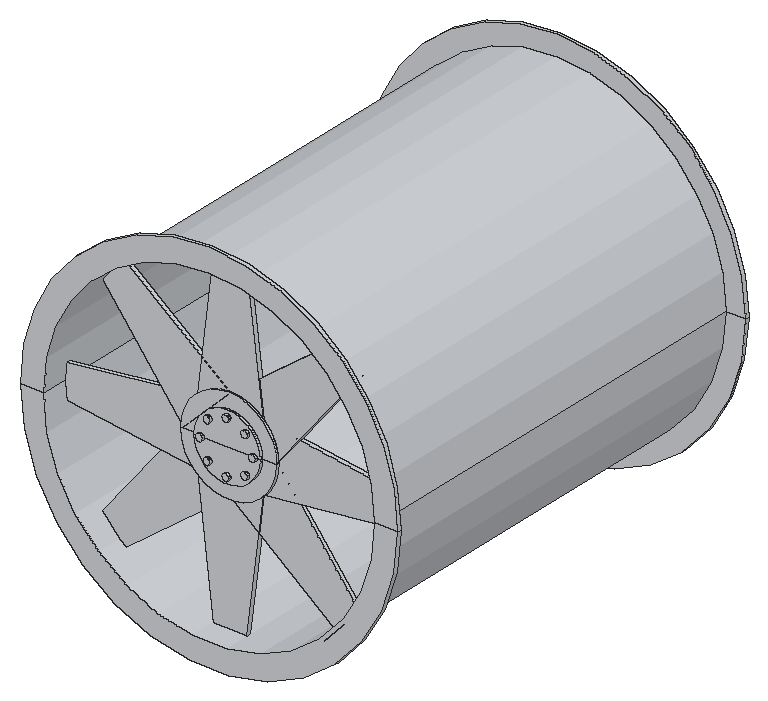
Revit family "CADS_Vent-Axia_MechEquip_Fan_BIFA_500_1Ph4P - SUPPLY", category Mechanical Equipment, Revit 2020
Family settings
  Round Connector Dimension = Use Diameter
  Part Type = Normal
  OmniClass Number = 23.75.00.00
  OmniClass Title = Climate Control (HVAC)
  Work Plane-Based = No
  Always vertical = Yes
  Cut with Voids When Loaded = No
  Shared = No
  Room Calculation Point = No
Parameters (values of type "BIFA501410")
  WorkingPressure = 0.0 Pa
  WarrantyStartDate [instance] = "1900-12-31T23:59:59"
  WarrantyPeriod = ""
  WarrantyIdentifier = "N/A"
  WarrantyGuarantorParts = "tech@vent-axia.com"
  WarrantyGuarantorLabor = "tech@vent-axia.com"
  WarrantyGuarantor = "Vent-Axia Limited"
  WarrantyEndDate [instance] = "1900-12-31T23:59:59"
  WarrantyContent = ""
  TemperatureRange = ""
  TagNumber [instance] = "N/A"
  SustainabilityPerformance = ""
  Status = "New"
  Size = ""
  Shape = ""
  ServiceLifeType = ""
  ServiceLifeDuration = ""
  SerialNumber [instance] = "N/A"
  ReplacementCost = ""
  RatedVoltage = 0 V
  RatedCurrent = 0 A
  Quantity = 1
  ProductionYear = ""
  PressureCurve = ""
  PowerFactor = ""
  PointOfContact = ""
  NumberOfPoles = 0
  NominalWidth = 500 mm
  NominalLength = 660 mm
  NominalHeight = 500 mm
  NominalFrequencyRange = ""
  NominalDiameter = 500 mm  # constant formula
  ModelReference = "BIF 500MM 1PH 4P 10DEG"
  ModelNumber = "BIFA501410"
  Material = ""
  ManufacturerE-Mail = "tech@vent-axia.com"
  ManufacturerAddress = "Fleming Way\nCrawley \nRH10 9YX"
  IsExtendedWarranty = no
  InsulationStandardClass = ""
  InstallationDate [instance] = "1900-12-31T23:59:59"
  IfcExportType [instance] = ""
  IfcExportAs = "IfcFanType"
  IP_Code = ""
  HasProtectiveEarth = no
  GrossWeight = 0.00 kg
  Grade = ""
  GlobalTradeItemNumber [instance] = "N/A"
  Fitting Type = "Ignore"
  Finish = ""
  Features = ""
  ExteriorInsulation = no
  ExpectedServiceLife = 0
  Exclusions = ""
  DurationUnit = "Year"
  Default Elevation = 0 mm
  Constituents = ""
  ConductorFunction = ""
  Color = ""
  CodePerformance = ""
  Category = ""
  CADS_Usage = 0
  CADS_Index = 0
  Blade Diam = NominalDiameter - 5 mm  # 495 mm
  AssetType = "FIXED"
  AssetIdentifier [instance] = "N/A"
  AssemblyPlace = "UNKNOWN"
  ArticleNumber [instance] = "N/A"
  AirflowRateRange = 0.0 L/s
  Air Flow [instance] = 0.0 L/s
  AccessibilityPerformance = ""
Types (16, lengths in mm): name | ModelReference | ModelNumber
  BIFA501410 | "BIF 500MM 1PH 4P 10DEG" | "BIFA501410"
  BIFA501412 | "BIF 500MM 1PH 4P 12DEG" | "BIFA501412"
  BIFA501414 | "BIF 500MM 1PH 4P 14DEG" | "BIFA501414"
  BIFA501416 | "BIF 500MM 1PH 4P 16DEG" | "BIFA501416"
  BIFA501418 | "BIF 500MM 1PH 4P 18DEG" | "BIFA501418"
  BIFA501420 | "BIF 500MM 1PH 4P 20DEG" | "BIFA501420"
  BIFA501422 | "BIF 500MM 1PH 4P 22DEG" | "BIFA501422"
  BIFA501424 | "BIF 500MM 1PH 4P 24DEG" | "BIFA501424"
  BIFA501426 | "BIF 500MM 1PH 4P 26DEG" | "BIFA501426"
  BIFA501428 | "BIF 500MM 1PH 4P 28DEG" | "BIFA501428"
  BIFA501430 | "BIF 500MM 1PH 4P 30DEG" | "BIFA501430"
  BIFA501432 | "BIF 500MM 1PH 4P 32DEG" | "BIFA501432"
  BIFA501434 | "BIF 500MM 1PH 4P 34DEG" | "BIFA501434"
  BIFA501436 | "BIF 500MM 1PH 4P 36DEG" | "BIFA501436"
  BIFA501438 | "BIF 500MM 1PH 4P 38DEG" | "BIFA501438"
  BIFA501440 | "BIF 500MM 1PH 4P 40DEG" | "BIFA501440"
Reference planes
  plane 1 "Center (Front/Back)": y = 0
  plane 2: z = 0
  plane 3 "Center (Left/Right)": x = 0
  plane 4: x = -250
  plane 5: x = 250
  plane 6 "F": y = -330
  plane 7 "B": y = 330
  plane 8: x = -285
  plane 9: y = 325
  plane 10: y = -325
  plane 11: x = -255
  plane 12: y = -290
Forms (mm)
  Revolve 1, solid
    sketch origin (0, 0, 0) x (1, 0, 0) y (0, 1, 0)
      loop
        line (-285, -330) -> (-250, -330) -> (-250, 330) -> (-285, 330) -> (-285, 325) -> (-255, 325) -> (-255, -325) -> (-285, -325) -> (-285, -330)
      axis (0, 330) -> (0, -330)
    angle from 0 to 360
Dimensions and locks
  equal spacing: plane 4, plane 3 "Center (Left/Right)", plane 5
  equal spacing: plane 7 "B", plane 1 "Center (Front/Back)", plane 6 "F"
  "NominalLength": plane 7 "B" to plane 6 "F"
  "NominalDiameter": plane 4 to plane 5
  locked: plane 11 to plane 4 at 5
  locked: plane 8 to plane 11 at 30
  locked: plane 6 "F" to plane 10 at 5
  locked: plane 7 "B" to plane 9 at 5
  locked: plane 6 "F" to plane 12 at 40
  aligned and locked: level to plane 2
  aligned and locked: nested 1 to plane 12
Automatic sketch dimensions
  plane 6 "F" to Revolve 1 sketch curve = 0 mm
  Revolve 1 sketch curve to plane 8 = 0 mm  (x2)
  plane 10 to Revolve 1 sketch curve = 0 mm
  Revolve 1 sketch curve to plane 11 = 0 mm
  Revolve 1 sketch curve to plane 4 = 0 mm
  Revolve 1 sketch curve to plane 3 "Center (Left/Right)" = 0 mm
  plane 1 "Center (Front/Back)" to Revolve 1 sketch curve = 0 mm
  Revolve 1 sketch curve to plane 9 = 0 mm
  Revolve 1 sketch curve to plane 7 "B" = 0 mm
  plane 6 "F" to Revolve 1 sketch curve = 115 mm
Nested families
  nested 1: "Fan for BIFA" at (0, -290, 0), ND <- "NominalDiameter", type "Fan for BIFA"
    with hub 50 mm, ND 500 mm, BoltPCD 40 mm, Bolt Count 8, B_Diam 10 mm
  nested 2: "Bolts" at (0, -299.172, -40) x (-1, 0, 0) z (0, 1, 0), type "Bolts"
    with bd 10 mm
  nested 3: "Bolts" at (-28.284, -299.172, -28.284) x (-0.7071, 0, 0.7071) z (0, 1, 0), type "Bolts"
    with bd 10 mm
  nested 4: "Bolts" at (-40, -299.172, 0) x (0, 0, 1) z (0, 1, 0), type "Bolts"
    with bd 10 mm
  nested 5: "Bolts" at (-28.284, -299.172, 28.284) x (0.7071, 0, 0.7071) z (0, 1, 0), type "Bolts"
    with bd 10 mm
  nested 6: "Bolts" at (28.284, -299.172, 28.284) x (0.7071, 0, -0.7071) z (0, 1, 0), type "Bolts"
    with bd 10 mm
  nested 7: "Bolts" at (0, -299.172, 40) x (1, 0, 0) z (0, 1, 0), type "Bolts"
    with bd 10 mm
  nested 8: "BIFA Blade" at (0, -290, 0), type "BIFA Blade"
    with a 20.00°, HR 50 mm, HD 100 mm, BT 50 mm, BR 200 mm, BH 40 mm, BD 500 mm, BB 100 mm
  nested 9: "BIFA Blade" at (0, -290, 0) x (0.7071, 0, -0.7071) z (0.7071, 0, 0.7071), type "BIFA Blade"
    with a 20.00°, HR 50 mm, HD 100 mm, BT 50 mm, BR 200 mm, BH 40 mm, BD 500 mm, BB 100 mm
  nested 10: "BIFA Blade" at (0, -290, 0) x (0, 0, -1) z (1, 0, 0), type "BIFA Blade"
    with a 20.00°, HR 50 mm, HD 100 mm, BT 50 mm, BR 200 mm, BH 40 mm, BD 500 mm, BB 100 mm
  nested 11: "BIFA Blade" at (0, -290, 0) x (-0.7071, 0, -0.7071) z (0.7071, 0, -0.7071), type "BIFA Blade"
    with a 20.00°, HR 50 mm, HD 100 mm, BT 50 mm, BR 200 mm, BH 40 mm, BD 500 mm, BB 100 mm
  nested 12: "BIFA Blade" at (0, -290, 0) x (-1, 0, 0) z (0, 0, -1), type "BIFA Blade"
    with a 20.00°, HR 50 mm, HD 100 mm, BT 50 mm, BR 200 mm, BH 40 mm, BD 500 mm, BB 100 mm
  nested 13: "BIFA Blade" at (0, -290, 0) x (-0.7071, 0, -0.7071) z (-0.7071, 0, 0.7071), type "BIFA Blade"
    with a 20.00°, HR 50 mm, HD 100 mm, BT 50 mm, BR 200 mm, BH 40 mm, BD 500 mm, BB 100 mm
  nested 14: "BIFA Blade" at (0, -290, 0) x (0, 0, -1) z (-1, 0, 0), type "BIFA Blade"
    with a 20.00°, HR 50 mm, HD 100 mm, BT 50 mm, BR 200 mm, BH 40 mm, BD 500 mm, BB 100 mm
  nested 15: "BIFA Blade" at (0, -290, 0) x (0.7071, 0, -0.7071) z (-0.7071, 0, -0.7071), type "BIFA Blade"
    with a 20.00°, HR 50 mm, HD 100 mm, BT 50 mm, BR 200 mm, BH 40 mm, BD 500 mm, BB 100 mm
  nested 16: "Bolts" at (40, -299.172, 0) x (0, 0, -1) z (0, 1, 0), type "Bolts"
    with bd 10 mm
  nested 17: "Bolts" at (28.284, -299.172, -28.284) x (-0.7071, 0, -0.7071) z (0, 1, 0), type "Bolts"
    with bd 10 mm
Connectors
  hvac at (0, -330, 0), driven by "NominalDiameter", driven by "Air Flow"
    settings: on Revolve 1, index 1, duct flow 0.0 L/s, flow factor 0, pres drop 0.0 Pa, loss coef 0, conn angle 0.00°, conn width 304.8 mm, conn height 304.8 mm, conn diameter 500 mm, duct sys type 1, conn prof type 0, flow config 1, flow direction 1, loss method 0, conn ref index -1, conn util no, is conn primary yes, conn desc ""
  hvac at (0, 330, 0), driven by "NominalDiameter", driven by "Air Flow"
    settings: on Revolve 1, index 2, duct flow 0.0 L/s, flow factor 0, pres drop 0.0 Pa, loss coef 0, conn angle 0.00°, conn width 304.8 mm, conn height 304.8 mm, conn diameter 500 mm, duct sys type 1, conn prof type 0, flow config 0, flow direction 2, loss method 0, conn ref index -1, conn util no, is conn primary no, conn desc ""
Definition of nested family "Fan for BIFA"
  Parameters (values of type "Fan for BIFA")
    hub [instance] = ND / 10  # 50 mm
    ND [instance] = 500 mm
    Model = "."
    Default Elevation = 0 mm
    BoltPCD [instance] = hub - (hub * 0.2)  # 40 mm
    Bolt Count [instance] = if(hub < 50 mm, 6, 8)  # 8
    B_Diam [instance] = if(hub < 50 mm, 5 mm, 10 mm)  # 10 mm
  Reference planes
    plane 1 "Center (Front/Back)": y = 0
    plane 2: z = 0
    plane 3 "Center (Left/Right)": x = 0
    plane 4 "back": y = 20
    plane 5 "bolts": y = -9.172
    plane 6 "B": z = 50
    plane 7: x = -72.587
    plane 8: x = -50
    plane 9 "hubface": y = -6.172
  Forms (mm)
    Revolve 1, solid
      sketch origin (0, 0, 0) x (1, 0, 0) y (0, 1, 0)
        loop
          line (0, 20) -> (-50, 20) -> (-50, 10.504) -> (-72.587, 10.504) -> (-72.587, -2.597) -> (-50, -2.597) -> (-50, -6.172) -> (0, -6.172) -> (0, 20)
        axis (0, 20) -> (0, -6.172)
      angle from 0 to 360
    Extrusion 2, solid, not visible
      sketch origin (0, -6.347, -4) x (-1, 0, 0) y (0, 0, 1)
        loop
          circle (0, 84) r 5
      from 0 to 3
  Lines and regions (mm)
    symbolic lines
      curve 1: circle (0, -9.172, 0) r 40 normal (0, 1, 0)
    model lines, not visible
      curve 2: line (0, -6.347, 85) -> (0, -6.347, 75)
  Dimensions and locks
    "hub": plane 6 "B" to plane 2
    "hub": nested 3 to plane 3 "Center (Left/Right)"
    "hub": nested 4 to plane 3 "Center (Left/Right)"
    "hub": nested 5 to plane 3 "Center (Left/Right)"
    "hub": plane 3 "Center (Left/Right)" to nested 6
    "hub": Revolve 1 sketch curve to Revolve 1 sketch curve
    "hub": plane 3 "Center (Left/Right)" to nested 7
    "hub": plane 3 "Center (Left/Right)" to nested 8
    "hub": plane 3 "Center (Left/Right)" to nested 9
    "hub": plane 8 to plane 3 "Center (Left/Right)"
    plane 7 to plane 8 = 22.587 mm
    diameter of Extrusion 2 sketch curve = 10 mm
    "BoltPCD": radius of curve 1
    "BoltPCD": radius of radial array
    aligned and locked: level to plane 2
    aligned and locked: plane 6 "B" to nested 1
  Automatic sketch dimensions
    Revolve 1 sketch curve to plane 7 = 0 mm
    Revolve 1 sketch curve to plane 8 = 0 mm  (x2)
    Revolve 1 sketch curve to plane 3 "Center (Left/Right)" = 0 mm
    Revolve 1 sketch curve to plane 9 "hubface" = 0 mm
    plane 4 "back" to Revolve 1 sketch curve = 0 mm
    plane 1 "Center (Front/Back)" to Revolve 1 sketch curve = 2.597 mm
    plane 4 "back" to Revolve 1 sketch curve = 9.496 mm
    plane 4 "back" to Revolve 1 sketch curve = 5 mm
    Revolve 1 sketch curve to Revolve 1 sketch curve = 45 mm
    curve 1 to level = 0 mm
    curve 1 to plane 3 "Center (Left/Right)" = 0 mm
  Nested families
    nested 1: "BIFA Blade" at (0, 0, 25), BD <- "ND", HD <- "hub", type "BIFA Blade"
      with a 20.00°, HR 25 mm, HD 50 mm, BT 25 mm, BR 100 mm, BH 40 mm, BD 250 mm, BB 50 mm
    nested 2: "BIFA Blade" at (0, 0, 55), BD <- "ND", HD <- "hub", type "BIFA Blade", not visible
      with a 20.00°, HR 25 mm, HD 50 mm, BT 25 mm, BR 100 mm, BH 40 mm, BD 250 mm, BB 50 mm
    nested 3: "BIFA Blade" at (17.678, 0, 17.678) x (0.7071, 0, -0.7071) z (0.7071, 0, 0.7071), BD <- "ND", HD <- "hub", type "BIFA Blade"
      with a 20.00°, HR 25 mm, HD 50 mm, BT 25 mm, BR 100 mm, BH 40 mm, BD 250 mm, BB 50 mm
    nested 4: "BIFA Blade" at (25, 0, 0) x (0, 0, -1) z (1, 0, 0), BD <- "ND", HD <- "hub", type "BIFA Blade"
      with a 20.00°, HR 25 mm, HD 50 mm, BT 25 mm, BR 100 mm, BH 40 mm, BD 250 mm, BB 50 mm
    nested 5: "BIFA Blade" at (17.678, 0, -17.678) x (-0.7071, 0, -0.7071) z (0.7071, 0, -0.7071), BD <- "ND", HD <- "hub", type "BIFA Blade"
      with a 20.00°, HR 25 mm, HD 50 mm, BT 25 mm, BR 100 mm, BH 40 mm, BD 250 mm, BB 50 mm
    nested 6: "BIFA Blade" at (0, 0, -25) x (-1, 0, 0) z (0, 0, -1), BD <- "ND", HD <- "hub", type "BIFA Blade"
      with a 20.00°, HR 25 mm, HD 50 mm, BT 25 mm, BR 100 mm, BH 40 mm, BD 250 mm, BB 50 mm
    nested 7: "BIFA Blade" at (-17.678, 0, 17.678) x (-0.7071, 0, -0.7071) z (-0.7071, 0, 0.7071), BD <- "ND", HD <- "hub", type "BIFA Blade"
      with a 20.00°, HR 25 mm, HD 50 mm, BT 25 mm, BR 100 mm, BH 40 mm, BD 250 mm, BB 50 mm
    nested 8: "BIFA Blade" at (-25, 0, 0) x (0, 0, -1) z (-1, 0, 0), BD <- "ND", HD <- "hub", type "BIFA Blade"
      with a 20.00°, HR 25 mm, HD 50 mm, BT 25 mm, BR 100 mm, BH 40 mm, BD 250 mm, BB 50 mm
    nested 9: "BIFA Blade" at (-17.678, 0, -17.678) x (0.7071, 0, -0.7071) z (-0.7071, 0, -0.7071), BD <- "ND", HD <- "hub", type "BIFA Blade"
      with a 20.00°, HR 25 mm, HD 50 mm, BT 25 mm, BR 100 mm, BH 40 mm, BD 250 mm, BB 50 mm
    nested 10: "Bolts" at (0, -9.172, 40) x (1, 0, 0) z (0, 1, 0), bd <- "B_Diam", type "Bolts"
      with bd 10 mm
    nested 11: "Bolts" at (28.284, -9.172, 28.284) x (0.7071, 0, -0.7071) z (0, 1, 0), bd <- "B_Diam", type "Bolts"
      with bd 10 mm
    nested 12: "Bolts" at (-28.284, -9.172, 28.284) x (0.7071, 0, 0.7071) z (0, 1, 0), bd <- "B_Diam", type "Bolts"
      with bd 10 mm
    nested 13: "Bolts" at (-40, -9.172, 0) x (0, 0, 1) z (0, 1, 0), bd <- "B_Diam", type "Bolts"
      with bd 10 mm
    nested 14: "Bolts" at (-28.284, -9.172, -28.284) x (-0.7071, 0, 0.7071) z (0, 1, 0), bd <- "B_Diam", type "Bolts"
      with bd 10 mm
    nested 15: "Bolts" at (0, -9.172, -40) x (-1, 0, 0) z (0, 1, 0), bd <- "B_Diam", type "Bolts"
      with bd 10 mm
    nested 16: "Bolts" at (28.284, -9.172, -28.284) x (-0.7071, 0, -0.7071) z (0, 1, 0), bd <- "B_Diam", type "Bolts"
      with bd 10 mm
    nested 17: "Bolts" at (40, -9.172, 0) x (0, 0, -1) z (0, 1, 0), bd <- "B_Diam", type "Bolts"
      with bd 10 mm
  Definition of nested family "BIFA Blade"
    Parameters (values of type "BIFA Blade")
      a [instance] = 20.00°
      HR [instance] = HD / 2  # 30 mm
      HD [instance] = BD / 5  # 60 mm
      Default Elevation = 1219.2 mm
      BT [instance] = BD / 10  # 30 mm
      BR [instance] = (BD / 2) - HR  # 120 mm
      BH [instance] = 40 mm
      BD [instance] = 300 mm
      BB [instance] = BD / 5  # 60 mm
    Reference planes
      plane 1 "Center (Front/Back)": y = 0
      plane 2: z = 0
      plane 3 "Center (Left/Right)": x = 0
      plane 4 "Blade Bot": z = 30
      plane 5: x = -30
      plane 6: x = 30
      plane 7: x = -15
      plane 8: x = 15
    Forms (mm)
      Blend 1, solid
        base sketch origin (0, 0, 30) x (-1, 0, 0) y (0, -1, 0)
          loop
            line (30, 0) -> (-30, 0) -> (-30, -6) -> (30, -6) -> (30, 0)
        top sketch origin (0, 0, 30) x (-1, 0, 0) y (0, -1, 0)
          loop
            line (15, -6) -> (15, 0) -> (-15, 0) -> (-15, -6) -> (15, -6)
        from 0 to 120 <- "BR"
    Dimensions and locks
      "HR": plane 4 "Blade Bot" to level
      equal spacing: plane 8, plane 3 "Center (Left/Right)", plane 7
      "BT": plane 8 to plane 7
      equal spacing: plane 6, plane 3 "Center (Left/Right)", plane 5
      "BB": plane 6 to plane 5
      aligned and locked: level to plane 2
    Automatic sketch dimensions
      plane 1 "Center (Front/Back)" to Blend 1 sketch curve = 0 mm  (x2)
      Blend 1 sketch curve to plane 6 = 0 mm
      Blend 1 sketch curve to plane 5 = 0 mm
      Blend 1 sketch curve to plane 1 "Center (Front/Back)" = 6 mm  (x2)
      Blend 1 sketch curve to plane 8 = 0 mm
      Blend 1 sketch curve to plane 7 = 0 mm
  Definition of nested family "Bolts"
    Parameters
      bd [instance] = 10 mm
      Default Elevation = 1219.2 mm
    Reference planes
      plane 1 "Center (Front/Back)": y = 0
      plane 2: z = 0
      plane 3 "Center (Left/Right)": x = 0
    Forms (mm)
      Extrusion 1, solid
        sketch origin (0, 0, 0) x (1, 0, 0) y (0, 1, 0)
          loop
            line (-1219.2, 1219.2) -> (-1219.2, -1219.2) -> (1219.2, -1219.2) -> (1219.2, 1219.2) -> (-1219.2, 1219.2)
        from 0 to -304.8
      Extrusion 2, solid
        sketch origin (0, 0, 0) x (1, 0, 0) y (0, 1, 0)
          loop
            circle (0, 0) r 5
        from 0 to 3
    Dimensions and locks
      "bd": diameter of Extrusion 2 sketch curve
      aligned and locked: plane 2 to Extrusion 1
      aligned and locked: level to Extrusion 1
    Automatic sketch dimensions
      Extrusion 1 sketch curve to Extrusion 1 sketch curve = 2438.4 mm  (x2)
      plane 1 "Center (Front/Back)" to Extrusion 2 sketch curve = 0 mm
      Extrusion 2 sketch curve to plane 3 "Center (Left/Right)" = 0 mm
Definition of nested family "Bolts"
  Parameters
    bd [instance] = 10 mm
    Default Elevation = 1219.2 mm
  Reference planes
    plane 1 "Center (Front/Back)": y = 0
    plane 2: z = 0
    plane 3 "Center (Left/Right)": x = 0
  Forms (mm)
    Extrusion 1, solid
      sketch origin (0, 0, 0) x (1, 0, 0) y (0, 1, 0)
        loop
          line (-1219.2, 1219.2) -> (-1219.2, -1219.2) -> (1219.2, -1219.2) -> (1219.2, 1219.2) -> (-1219.2, 1219.2)
      from 0 to -304.8
    Extrusion 2, solid
      sketch origin (0, 0, 0) x (1, 0, 0) y (0, 1, 0)
        loop
          circle (0, 0) r 5
      from 0 to 3
  Dimensions and locks
    "bd": diameter of Extrusion 2 sketch curve
    aligned and locked: plane 2 to Extrusion 1
    aligned and locked: level to Extrusion 1
  Automatic sketch dimensions
    Extrusion 1 sketch curve to Extrusion 1 sketch curve = 2438.4 mm  (x2)
    plane 1 "Center (Front/Back)" to Extrusion 2 sketch curve = 0 mm
    Extrusion 2 sketch curve to plane 3 "Center (Left/Right)" = 0 mm
Definition of nested family "BIFA Blade"
  Parameters (values of type "BIFA Blade")
    a [instance] = 20.00°
    HR [instance] = HD / 2  # 30 mm
    HD [instance] = BD / 5  # 60 mm
    Default Elevation = 1219.2 mm
    BT [instance] = BD / 10  # 30 mm
    BR [instance] = (BD / 2) - HR  # 120 mm
    BH [instance] = 40 mm
    BD [instance] = 300 mm
    BB [instance] = BD / 5  # 60 mm
  Reference planes
    plane 1 "Center (Front/Back)": y = 0
    plane 2: z = 0
    plane 3 "Center (Left/Right)": x = 0
    plane 4 "Blade Bot": z = 30
    plane 5: x = -30
    plane 6: x = 30
    plane 7: x = -15
    plane 8: x = 15
  Forms (mm)
    Blend 1, solid
      base sketch origin (0, 0, 30) x (-1, 0, 0) y (0, -1, 0)
        loop
          line (30, 0) -> (-30, 0) -> (-30, -6) -> (30, -6) -> (30, 0)
      top sketch origin (0, 0, 30) x (-1, 0, 0) y (0, -1, 0)
        loop
          line (15, -6) -> (15, 0) -> (-15, 0) -> (-15, -6) -> (15, -6)
      from 0 to 120 <- "BR"
  Dimensions and locks
    "HR": plane 4 "Blade Bot" to level
    equal spacing: plane 8, plane 3 "Center (Left/Right)", plane 7
    "BT": plane 8 to plane 7
    equal spacing: plane 6, plane 3 "Center (Left/Right)", plane 5
    "BB": plane 6 to plane 5
    aligned and locked: level to plane 2
  Automatic sketch dimensions
    plane 1 "Center (Front/Back)" to Blend 1 sketch curve = 0 mm  (x2)
    Blend 1 sketch curve to plane 6 = 0 mm
    Blend 1 sketch curve to plane 5 = 0 mm
    Blend 1 sketch curve to plane 1 "Center (Front/Back)" = 6 mm  (x2)
    Blend 1 sketch curve to plane 8 = 0 mm
    Blend 1 sketch curve to plane 7 = 0 mm
